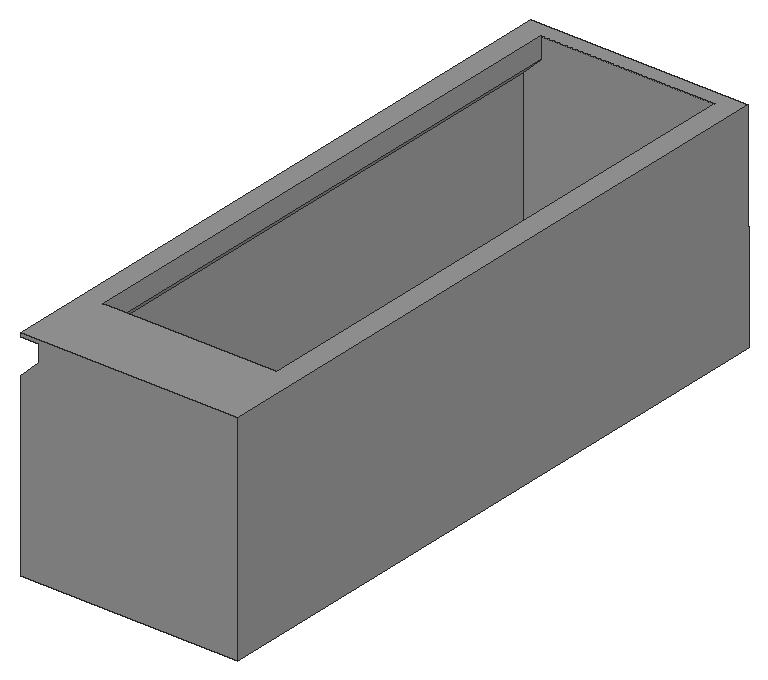
Revit family "Shower_Cabinet-Willoughby-US-3030-R", category Plumbing Fixtures, Revit 2015
Parameters (values of type "Standard")
  Waste Radius = Waste DIA / 2  # 1"
  Waste DIA = 2"
  Waste Connection = yes
  Vent Connection = no
  URL = "https://www.willoughby-ind.com/wp-content/uploads/2018/01/US-3636.pdf"
  Revision = "A"
  Model = "US-3030-R"
  Manufacturer = "Willoughby Industries"
  HW Connection = no
  HCW Inlet RAD = HCW Inlet DIA / 2  # 1/4"
  HCW Inlet DIA = 1/2"
  Fixture Body = Stainless Steel AISI 304-Willoughby
  Description = "US 30\" X 30\" Series Cabinet Shower, Right Hand"
  Default Elevation = 0' - 0"
  Contact info = "(800) 428-4065"
  CW Connection = no
  CW & HW Inlet = yes
Reference planes (in)
  plane 1 "Center (Front/Back)": y = 0
  plane 2: z = 0
  plane 3 "Center (Left/Right)": x = 0
  plane 4: y = 88
  plane 5: x = -15
  plane 6: x = 15
  plane 7: z = 30
  plane 8: z = 15
  plane 9 "Waste Height": y = 6.5
Forms (in)
  Extrusion 1, solid, material "Stainless Steel AISI 304-Willoughby" <- "Fixture Body"
    sketch origin (0, 0, 0) x (1, 0, 0) y (0, 0, 1)
      loop
        line (-15, 0) -> (15, 0) -> (15, 30) -> (-15, 30) -> (-15, 29.5) -> (-12.5, 29.5) -> (-12.5, 27.20711) -> (-15, 24.70711) -> (-15, 0)
    from 0 to -88
  Extrusion 2, void, detail levels fine
    sketch origin (0, 0, 0) x (1, 0, 0) y (0, 0, 1)
      loop
        line (14.5, 0.5) -> (14.5, 24.5) -> (12, 27) -> (12, 30) -> (-12, 30) -> (-12, 27) -> (-14.5, 24.5) -> (-14.5, 0.5) -> (14.5, 0.5)
    from -10.5 to -86
  Extrusion 3, void, detail levels fine
    sketch origin (0, 0, 0) x (1, 0, 0) y (0, 0, 1)
      loop
        line (-14.5, 0.5) -> (14.5, 0.5) -> (14.5, 24.5) -> (12, 27) -> (-12, 27) -> (-14.5, 24.5) -> (-14.5, 0.5)
    from -9 to -10.5
  Extrusion 4, void, detail levels fine
    sketch origin (0.89838, 0, 3.72188) x (1, 0, 0) y (0, 0, 1)
      loop
        circle (-0.89838, 11.27812) r 2
    from -8.61062 to -9
  Extrusion 5, solid, material "Stainless Steel AISI 304-Willoughby" <- "Fixture Body", detail levels fine
    sketch origin (0, 0, 0) x (1, 0, 0) y (0, 1, 0)
      loop
        circle (0, 6.5) r 1
    from 0 to 5.55813
  Extrusion 6, solid, material "Stainless Steel AISI 304-Willoughby" <- "Fixture Body", detail levels medium+fine
    sketch origin (14.12132, 0, 24.87868) x (0.707107, 0, -0.707107) y (0, -1, 0)
      loop
        circle (-1.23223, -81) r 0.75
    from 0 to 2
Cuts and joins
  Extrusion 2, Extrusion 3, Extrusion 4 cuts Extrusion 1
Lines and regions (in)
  model lines, detail levels coarse+medium
    curve 1: line (-15, 0, 30) -> (-15, 0, 29.5)
    curve 2: line (-12.5, 0, 27.20711) -> (-15, 0, 24.70711)
  symbolic lines
    curve 3: line (-15, 0, 0) -> (-15, 88, 0)
    curve 4: line (-15, 88, 0) -> (15, 88, 0)
    curve 5: line (15, 88, 0) -> (15, 0, 0)
    curve 6: line (15, 0, 0) -> (-15, 0, 0)
    curve 15: line (15, 0, 0) -> (15, 0, 30)
    curve 16: line (-15, 0, 30) -> (-15, 0, 29.5)
    curve 17: line (-12.5, 0, 29.5) -> (-12.5, 0, 27.20711)
    curve 18: line (-15, 0, 29.5) -> (-12.5, 0, 29.5)
    curve 19: line (-12.5, 0, 27.20711) -> (-15, 0, 24.70711)
    curve 20: line (-15, 0, 24.70711) -> (-15, 0, 0)
    curve 21: line (-15, 0, 0) -> (15, 0, 0)
    curve 22: line (0, 0, 0) -> (0, 88, 0)
    curve 23: line (0, 88, 0) -> (0, 88, 30)
    curve 24: line (0, 88, 30) -> (0, 0, 30)
    curve 25: line (0, 0, 30) -> (0, 0, 0)
    curve 36: line (15, 0, 30) -> (-15, 0, 30)
  symbolic lines, detail levels medium+fine
    curve 7: line (-12, 86, 0) -> (12, 86, 0)
    curve 8: line (12, 86, 0) -> (12, 10.5, 0)
    curve 9: line (12, 10.5, 0) -> (-12, 10.5, 0)
    curve 10: line (-12, 10.5, 0) -> (-12, 86, 0)
    curve 26: line (0, 0, 24.70711) -> (0, 88, 24.70711)
    curve 27: line (0, 88, 27.20711) -> (0, 0, 27.20711)
    curve 28: line (0, 0, 29.5) -> (0, 88, 29.5)
    curve 29: line (-14.5, 9, 0) -> (-14.5, 86, 0)
    curve 30: line (14.5, 86, 0) -> (14.5, 9, 0)
    curve 31: line (14.5, 9, 0) -> (-14.5, 9, 0)
    curve 32: line (-12.5, 0, 0) -> (-12.5, 88, 0)
    curve 37: line (12, 0, 30) -> (12, 0, 27)
    curve 38: line (12, 0, 27) -> (14.5, 0, 24.5)
    curve 39: line (14.5, 0, 24.5) -> (14.5, 0, 0.5)
    curve 40: line (14.5, 0, 0.5) -> (-14.5, 0, 0.5)
    curve 41: line (-14.5, 0, 0.5) -> (-14.5, 0, 24.5)
    curve 42: line (-14.5, 0, 24.5) -> (-12, 0, 27)
    curve 43: line (-12, 0, 27) -> (12, 0, 27)
    curve 44: line (-12, 0, 30) -> (-12, 0, 27)
    curve 45: line (-14.5, 86, 0) -> (14.5, 86, 0)
  symbolic lines, detail levels fine
    curve 11: line (12, 81.75, 0) -> (11.8108, 81.75, 0)
    curve 12: line (11.8108, 80.25, 0) -> (12, 80.25, 0)
    curve 13: spline (11.8108, 81.75, 0) -> (11.68001, 81.72444, 0) -> (11.55813, 81.64952, 0) -> (11.45347, 81.53033, 0) -> (11.37316, 81.375, 0) -> (11.32268, 81.19411, 0) -> (11.30546, 81, 0) -> (11.32268, 80.80589, 0) -> (11.37316, 80.625, 0) -> (11.45347, 80.46967, 0) -> (11.55813, 80.35048, 0) -> (11.68001, 80.27556, 0) -> (11.8108, 80.25, 0)
    curve 14: circle (0, 50.9968, 0) r 0.74999 normal (0, 0, 1)
    curve 33: line (12, 81.75, 0) -> (11.8108, 81.75, 0)
    curve 34: line (12, 80.25, 0) -> (11.8108, 80.25, 0)
    curve 35: spline (11.8108, 81.75, 0) -> (11.68001, 81.72444, 0) -> (11.55813, 81.64952, 0) -> (11.45347, 81.53033, 0) -> (11.37316, 81.375, 0) -> (11.32268, 81.19411, 0) -> (11.30546, 81, 0) -> (11.32268, 80.80589, 0) -> (11.37316, 80.625, 0) -> (11.45347, 80.46967, 0) -> (11.55813, 80.35048, 0) -> (11.68001, 80.27556, 0) -> (11.8108, 80.25, 0)
Dimensions and locks (in)
  plane 4 to cut or joined group of Extrusion 1, Extrusion 2, Extrusion 3, Extrusion 4 = 0' - 2"
  cut or joined group of Extrusion 1, Extrusion 2, Extrusion 3, Extrusion 4 to cut or joined group of Extrusion 1, Extrusion 2, Extrusion 3, Extrusion 4 = 0' - 10 1/2"
  cut or joined group of Extrusion 1, Extrusion 2, Extrusion 3, Extrusion 4 to plane 1 "Center (Front/Back)" = 0' - 9"
  level to plane 8 = 1' - 3"
  plane 1 "Center (Front/Back)" to plane 9 "Waste Height" = 0' - 6 1/2"
  Extrusion 6 sketch curve to cut or joined group of Extrusion 1, Extrusion 2, Extrusion 3, Extrusion 4 = 6' - 0"
  Extrusion 3 sketch curve to Extrusion 3 sketch curve = 2' - 5"
  locked: Extrusion 3 sketch curve to Extrusion 3 sketch curve at 2.5  (x2)
  locked: Extrusion 1 sketch curve to Extrusion 1 sketch curve at 30
  locked: Extrusion 1 sketch curve to Extrusion 1 sketch curve at 0.5
  plane 1 "Center (Front/Back)" to plane 4 = 7' - 4"
  plane 1 "Center (Front/Back)" to curve 13 = 6' - 9"
  locked: plane 5 to plane 6 at 30
  plane 5 to plane 6 = 2' - 6"
  angle Extrusion 3 sketch curve to Extrusion 3 sketch curve = 45.00°  (x2)
  aligned and locked: Extrusion 1 to plane 4
  aligned: plane 5 to Extrusion 1
  aligned: Extrusion 1 to plane 6
  aligned: plane 7 to Extrusion 1
  aligned: cut or joined group of Extrusion 1, Extrusion 2, Extrusion 3, Extrusion 4 to cut or joined group of Extrusion 1, Extrusion 2, Extrusion 3, Extrusion 4  (x3)
  aligned and locked: level to cut or joined group of Extrusion 1, Extrusion 2, Extrusion 3, Extrusion 4
  aligned and locked: Extrusion 3 sketch curve to cut or joined group of Extrusion 1, Extrusion 2, Extrusion 3, Extrusion 4
  aligned and locked: cut or joined group of Extrusion 1, Extrusion 2, Extrusion 3, Extrusion 4 to plane 6
  aligned and locked: plane 5 to cut or joined group of Extrusion 1, Extrusion 2, Extrusion 3, Extrusion 4
  aligned and locked: plane 7 to cut or joined group of Extrusion 1, Extrusion 2, Extrusion 3, Extrusion 4
  aligned and locked: cut or joined group of Extrusion 1, Extrusion 2, Extrusion 3, Extrusion 4 to Extrusion 6
  aligned and locked: cut or joined group of Extrusion 1, Extrusion 2, Extrusion 3, Extrusion 4 to cut or joined group of Extrusion 1, Extrusion 2, Extrusion 3, Extrusion 4  (x2)
  aligned and locked: curve 2 to cut or joined group of Extrusion 1, Extrusion 2, Extrusion 3, Extrusion 4
Connectors (in)
  piping at (0, 6.5, 0), diameter 2, driven by "Waste Connection", driven by "Waste Radius"
    settings: on Extrusion 5, index 2, connector inside diameter 2", connector length 0' - 0", flow factor 0, pipe flow 0 GPM, pressure drop 0.00 psi, fitting loss kfactor 0, connector angle 0.00°, fixture units 0, engagement length 0' - 0", angle of deflection 0.00°, flow configuration 0, flow direction 2, fitting loss method 0, system type 16, joint type 0, gender type 0, connector reference index -1, connector utility 1, adjustable connector yes, is connector primary yes, connector description "Shower Drain"
